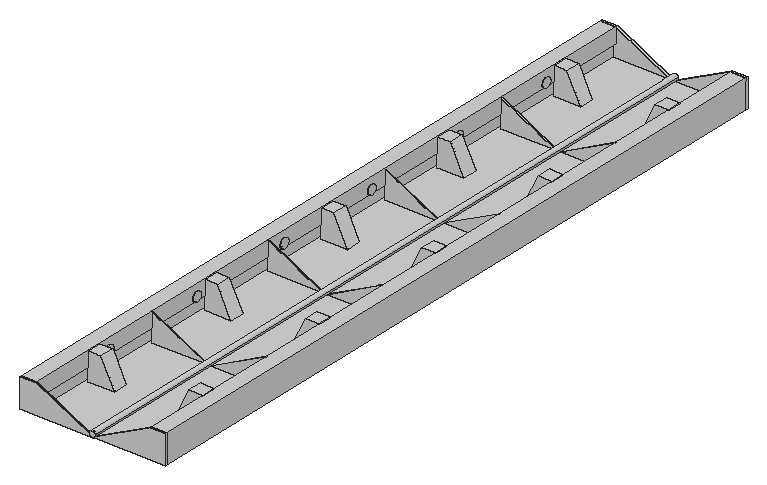
Revit family "MF_INSIDE HINGED CORNER 10'_1904632", category Generic Models, Revit 2018
Family settings
  Can host rebar = No
  Round Connector Dimension = Use Diameter
  Part Type = Normal
  OmniClass Number = 35.51.14.00
  OmniClass Title = FORMWORK
  Work Plane-Based = Yes
  Always vertical = No
  Cut with Voids When Loaded = No
  Shared = Yes
  Room Calculation Point = No
Parameters
  VERSION = "20190101"  # constant formula
  URL = "www.ulmaconstruction.com/en"
  UNICLASS = ""
  REAL ANGLE [instance] = if(ANGLE < 61.00°, 61.00°, if(ANGLE < 180.00°, ANGLE, 180.00°))  # 180.00°
  ITEM_CODE = "1904632"
  Manufacturer = "ULMA CONSTRUCTION"  # constant formula
  INSERTION PLANE POSITION [instance] = if(0.77248" - INSERTION PLANE CALCULATION < 0", 0", 0.77248" - INSERTION PLANE CALCULATION)  # 0.77248"
  INSERTION PLANE CALCULATION [instance] = if(REAL ANGLE = 180.00°, 0", (0.49213" * sin(90.00° - REAL ANGLE) + 0.49213") * tan(90.00° - REAL ANGLE) + 0.49213" * cos(90.00° - REAL ANGLE))  # 0"
  FILTER [instance] = ""
  Default Elevation = 0"
  CLASSIFICATION_TITLE = ""
  CLASSIFICATION_NUMBER = ""
  ANGLE [instance] = 180.00°
Reference planes (in)
  plane 1 "Centro (Frontal/Posterior)": y = 0
  plane 2: z = 0
  plane 3 "Centro (Izquierda/Derecha)": x = 0
  plane 4 "ITEM_HEIGHT": y = 120
  plane 5 "CENTER": z = 0.49213
  plane 6 "INSERTION PLANE": x = 0
  plane 7 "INSERTION PLANE BASE": x = 0.77248
Lines and regions (in)
  reference lines
    curve 1: line (0, 0, 0.49213) -> (12.25, 0, 0.49213)
Dimensions and locks (in)
  plane 1 "Centro (Frontal/Posterior)" to plane 4 "ITEM_HEIGHT" = 120"
  locked: plane 7 "INSERTION PLANE BASE" to plane 3 "Centro (Izquierda/Derecha)" at 0.77248
  "INSERTION PLANE POSITION": plane 7 "INSERTION PLANE BASE" to plane 6 "INSERTION PLANE"
  "REAL ANGLE": angle curve 1 to plane 5 "CENTER"
  aligned and locked: level to plane 2
  aligned and locked: plane 3 "Centro (Izquierda/Derecha)" to curve 1
  aligned and locked: plane 5 "CENTER" to curve 1
Nested families (in)
  nested 1: "MEDIA ESCUADRA INT 10' - 1904939_PANELS" at (0, 0, 0), type "MEDIA ESCUADRA INT 10' - 1904939_PANELS"
    with FILTER ""
  nested 2: "MEDIA ESCUADRA INT 10' - 1904939_PANELS" at (0, 0, 0) x (-1, 0, 0) z (0, 0, 1), type "MEDIA ESCUADRA INT 10' - 1904939_PANELS"
    with FILTER ""
Definition of nested family "MEDIA ESCUADRA INT 10' - 1904939_PANELS"
  Parameters (values of type "MEDIA ESCUADRA INT 10' - 1904939_PANELS")
    VERSION = "20170217"  # constant formula
    URL = "www.ulmaconstruction.com/en"
    UNICLASS = ""
    Manufacturer = "ULMA CONSTRUCTION"  # constant formula
    FILTER [instance] = ""
    Default Elevation = 0"
    CLASSIFICATION_TITLE = ""
    CLASSIFICATION_NUMBER = ""
  Reference planes (in)
    plane 1 "Centro (Frontal/Posterior)": y = 0
    plane 2: z = 0
    plane 3 "Centro (Izquierda/Derecha)": x = 0
  Forms (in)
    Extrusion 1, solid, detail levels fine
      sketch origin (0, 0, 0) x (1, 0, 0) y (0, 0, 1)
        loop
          line (-9.44094, 4.72441) -> (-12, 4.72441) -> (-12, 0) -> (-0.35827, 0) -> (-0.35827, 0.15748) -> (-9.93307, 0.15748) -> (-9.93307, 1.99583) -> (-9.44094, 2.20472) -> (-9.44094, 4.72441)
      from -119.68504 to -0.31496
    Extrusion 2, solid
      sketch origin (0, 0, 0) x (1, 0, 0) y (0, 0, 1)
        loop
          circle (0, 0.49213) r 0.49213
      from -120 to 0
    Extrusion 3, solid, detail levels coarse+medium
      sketch origin (0, 0, 0) x (1, 0, 0) y (0, 0, 1)
        loop
          line (-12, 4.72441) -> (-12, 0) -> (-0.35827, 0) -> (-0.35827, 0.15748) -> (-9.44094, 4.72441) -> (-12, 4.72441)
      from -120 to 0
    Extrusion 4, solid, detail levels fine
      sketch origin (0, 0, 0) x (1, 0, 0) y (0, 0, 1)
        loop
          line (-12, 4.72441) -> (-12, 0) -> (-0.35827, 0) -> (-0.35827, 0.15748) -> (-9.44094, 4.72441) -> (-12, 4.72441)
      from -0.31496 to 0
    Extrusion 5, solid, detail levels fine
      sketch origin (0, 119.68504, 0) x (1, 0, 0) y (0, 0, 1)
        loop
          line (-12, 4.72441) -> (-12, 0) -> (-0.35827, 0) -> (-0.35827, 0.15748) -> (-9.44094, 4.72441) -> (-12, 4.72441)
      from -0.31496 to 0
    Extrusion 6, solid, detail levels fine
      sketch origin (0, 16.53543, 0) x (1, 0, 0) y (0, 0, 1)
        loop
          line (-0.35827, 0.15748) -> (-9.44094, 4.72441) -> (-9.44094, 0.15748) -> (-0.35827, 0.15748)
      from -7.54331 to -7.38583
    Extrusion 7, solid, detail levels fine
      sketch origin (0, 36.81102, 0) x (1, 0, 0) y (0, 0, 1)
        loop
          line (-0.35827, 0.15748) -> (-9.44094, 4.72441) -> (-9.44094, 0.15748) -> (-0.35827, 0.15748)
      from -11.26772 to -11.11024
    Extrusion 8, solid, detail levels fine
      sketch origin (0, 58.66142, 0) x (1, 0, 0) y (0, 0, 1)
        loop
          line (-0.35827, 0.15748) -> (-9.44094, 4.72441) -> (-9.44094, 0.15748) -> (-0.35827, 0.15748)
      from -13.41732 to -13.25984
    Extrusion 9, solid, detail levels fine
      sketch origin (0, 81.49606, 0) x (1, 0, 0) y (0, 0, 1)
        loop
          line (-0.35827, 0.15748) -> (-9.44094, 4.72441) -> (-9.44094, 0.15748) -> (-0.35827, 0.15748)
      from -14.58268 to -14.4252
    Extrusion 10, solid, detail levels fine
      sketch origin (0, 12.59843, 0) x (1, 0, 0) y (0, 0, 1)
        loop
          line (-7.23673, 4.72441) -> (-9.44094, 4.72441) -> (-9.44094, 0.15748) -> (-5.01181, 0.15748) -> (-7.23673, 4.72441)
      from -0.58268 to 1.77953
    Extrusion 11, solid, detail levels fine
      sketch origin (0, 38.18898, 0) x (1, 0, 0) y (0, 0, 1)
        loop
          line (-7.23673, 4.72441) -> (-9.44094, 4.72441) -> (-9.44094, 0.15748) -> (-5.01181, 0.15748) -> (-7.23673, 4.72441)
      from 1.00787 to 3.37008
    Extrusion 12, solid, detail levels fine
      sketch origin (0, 57.87402, 0) x (1, 0, 0) y (0, 0, 1)
        loop
          line (-7.23673, 4.72441) -> (-9.44094, 4.72441) -> (-9.44094, 0.15748) -> (-5.01181, 0.15748) -> (-7.23673, 4.72441)
      from -3.30709 to -0.94488
    Extrusion 13, solid, detail levels fine
      sketch origin (0, 78.93701, 0) x (1, 0, 0) y (0, 0, 1)
        loop
          line (-7.23673, 4.72441) -> (-9.44094, 4.72441) -> (-9.44094, 0.15748) -> (-5.01181, 0.15748) -> (-7.23673, 4.72441)
      from -6.24409 to -3.88189
    Extrusion 14, solid, detail levels fine
      sketch origin (0, 97.6378, 0) x (1, 0, 0) y (0, 0, 1)
        loop
          line (-7.23673, 4.72441) -> (-9.44094, 4.72441) -> (-9.44094, 0.15748) -> (-5.01181, 0.15748) -> (-7.23673, 4.72441)
      from -11.54331 to -9.1811
    Extrusion 15, solid, detail levels fine
      sketch origin (0, 0, 0) x (0, 1, 0) y (0, 0, 1)
        loop
          circle (15, 3.03937) r 0.74803
        loop
          circle (33, 3.03937) r 0.74803
        loop
          circle (51, 3.03937) r 0.74803
        loop
          circle (69, 3.03937) r 0.74803
        loop
          circle (87, 3.03937) r 0.74803
        loop
          circle (105, 3.03937) r 0.74803
      from -9.44094 to -9.12598
  Lines and regions (in)
    model lines, detail levels fine
      curve 1: circle (-7.27559, 0, 2.51969) r 0.40354 normal (0, -1, 0)
      curve 2: circle (-7.27559, 10.8189, 2.51969) r 0.40354 normal (0, -1, 0)
      curve 3: circle (-7.27559, 34.8189, 2.51969) r 0.40354 normal (0, -1, 0)
      curve 4: circle (-7.27559, 58.8189, 2.51969) r 0.40354 normal (0, -1, 0)
      curve 5: circle (-7.27559, 82.8189, 2.51969) r 0.40354 normal (0, -1, 0)
      curve 6: circle (-7.27559, 106.8189, 2.51969) r 0.40354 normal (0, -1, 0)
      curve 7: circle (-7.27559, 119.68504, 2.51969) r 0.40354 normal (0, -1, 0)
      curve 8: circle (-7.27559, 0.31496, 2.51969) r 0.40354 normal (0, -1, 0)
      curve 9: circle (-7.27559, 13.1811, 2.51969) r 0.40354 normal (0, -1, 0)
      curve 10: circle (-7.27559, 37.1811, 2.51969) r 0.40354 normal (0, -1, 0)
      curve 11: circle (-7.27559, 61.1811, 2.51969) r 0.40354 normal (0, -1, 0)
      curve 12: circle (-7.27559, 85.1811, 2.51969) r 0.40354 normal (0, -1, 0)
      curve 13: circle (-7.27559, 109.1811, 2.51969) r 0.40354 normal (0, -1, 0)
      curve 14: circle (-7.27559, 120, 2.51969) r 0.40354 normal (0, -1, 0)
      curve 15: arc (-9.89425, 22.53937, 4.72441) -> (-10.72047, 23.36559, 4.72441) -> (-11.54669, 22.53937, 4.72441) r 0.82622
      curve 16: line (-11.54669, 22.53937, 4.72441) -> (-11.54669, 21.63386, 4.72441)
      curve 17: arc (-11.54669, 21.63386, 4.72441) -> (-10.72047, 20.80764, 4.72441) -> (-9.89425, 21.63386, 4.72441) r 0.82622
      curve 18: line (-9.89425, 21.63386, 4.72441) -> (-9.89425, 22.53937, 4.72441)
      curve 19: circle (-10.72047, 22.08661, 0) r 0.82677 normal (0, 0, 1)
      curve 20: arc (-9.89425, 45.90945, 4.72441) -> (-10.72047, 46.73567, 4.72441) -> (-11.54669, 45.90945, 4.72441) r 0.82622
      curve 21: line (-11.54669, 45.90945, 4.72441) -> (-11.54669, 45.00394, 4.72441)
      curve 22: arc (-11.54669, 45.00394, 4.72441) -> (-10.72047, 44.17772, 4.72441) -> (-9.89425, 45.00394, 4.72441) r 0.82622
      curve 23: line (-9.89425, 45.00394, 4.72441) -> (-9.89425, 45.90945, 4.72441)
      curve 24: circle (-10.72047, 45.45669, 0) r 0.82677 normal (0, 0, 1)
      curve 25: arc (-9.89425, 74.99606, 4.72441) -> (-10.72047, 75.82228, 4.72441) -> (-11.54669, 74.99606, 4.72441) r 0.82622
      curve 26: line (-11.54669, 74.99606, 4.72441) -> (-11.54669, 74.09055, 4.72441)
      curve 27: arc (-11.54669, 74.09055, 4.72441) -> (-10.72047, 73.26433, 4.72441) -> (-9.89425, 74.09055, 4.72441) r 0.82622
      curve 28: line (-9.89425, 74.09055, 4.72441) -> (-9.89425, 74.99606, 4.72441)
      curve 29: circle (-10.72047, 74.54331, 0) r 0.82677 normal (0, 0, 1)
      curve 30: arc (-9.89425, 98.36614, 4.72441) -> (-10.72047, 99.19236, 4.72441) -> (-11.54669, 98.36614, 4.72441) r 0.82622
      curve 31: line (-11.54669, 98.36614, 4.72441) -> (-11.54669, 97.46063, 4.72441)
      curve 32: arc (-11.54669, 97.46063, 4.72441) -> (-10.72047, 96.63441, 4.72441) -> (-9.89425, 97.46063, 4.72441) r 0.82622
      curve 33: line (-9.89425, 97.46063, 4.72441) -> (-9.89425, 98.36614, 4.72441)
      curve 34: circle (-10.72047, 97.91339, 0) r 0.82677 normal (0, 0, 1)
      curve 35: circle (-9.12598, 15, 3.03937) r 0.43307 normal (1, 0, 0)
      curve 36: circle (-9.12598, 33, 3.03937) r 0.43307 normal (1, 0, 0)
      curve 37: circle (-9.12598, 51, 3.03937) r 0.43307 normal (1, 0, 0)
      curve 38: circle (-9.12598, 69, 3.03937) r 0.43307 normal (1, 0, 0)
      curve 39: circle (-9.12598, 87, 3.03937) r 0.43307 normal (1, 0, 0)
      curve 40: circle (-9.12598, 105, 3.03937) r 0.43307 normal (1, 0, 0)
      curve 41: circle (-12, 15, 3.03937) r 0.43307 normal (1, 0, 0)
      curve 42: circle (-12, 33, 3.03937) r 0.43307 normal (1, 0, 0)
      curve 43: circle (-12, 51, 3.03937) r 0.43307 normal (1, 0, 0)
      curve 44: circle (-12, 69, 3.03937) r 0.43307 normal (1, 0, 0)
      curve 45: circle (-12, 87, 3.03937) r 0.43307 normal (1, 0, 0)
      curve 46: circle (-12, 105, 3.03937) r 0.43307 normal (1, 0, 0)
  Dimensions and locks (in)
    aligned and locked: level to plane 2
    aligned and locked: Extrusion 15 to Extrusion 1
